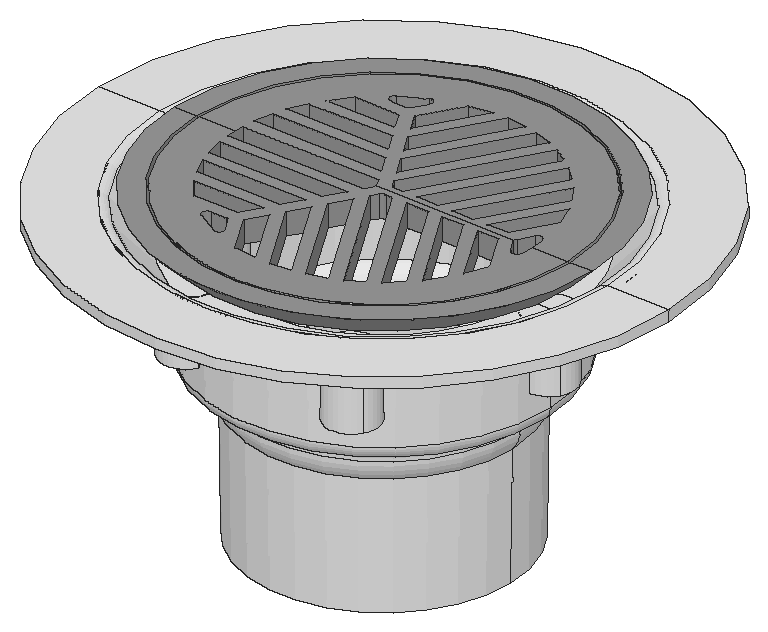
Revit family "3100.206 Deck Drain Bottom Exit 100x100", category Plumbing Fixtures, Revit 2020
Family settings
  Round Connector Dimension = Use Diameter
  Part Type = Normal
  Work Plane-Based = No
  Always vertical = Yes
  Cut with Voids When Loaded = No
  Shared = No
  Room Calculation Point = No
Parameters (values of type "3100.206 100X100")
  Waste Connection = yes
  Vent Connection = no
  URL = "www.aquaknight.co.nz"
  Phone = "+6498322214"  # constant formula
  Model = "3100.206"
  Manufacturer = "Aquanight Industries Ltd"  # constant formula
  HW Connection = no
  Email = "info@aquaknight.co.nz"  # constant formula
  Description = "Deck Drain Bottom Exit 100mm Inlet w 100mm Outlet Big Flange"
  Default Elevation = 0 mm
  CW Connection = no
Reference planes
  plane 1 "Center (Front/Back)": y = 0
  plane 2: z = 0
  plane 3 "Center (Left/Right)": x = 0
  plane 4: z = -94.136
Forms (mm)
  Revolve 1, solid, material "PVC-Piping"
    sketch origin (-2.137, 0, 1.044) x (1, 0, 0) y (0, 0, 1)
      loop
        line (-87.727, -5.044) -> (-75.98, -17.642) -> (-75.98, -20.801)
        arc (-75.98, -20.801) -> (-74.992, -23.186) -> (-72.607, -24.174) r 3.373
        line (-72.607, -24.174) -> (-65.619, -24.174) -> (-65.137, -53.24)
        arc (-65.137, -53.24) -> (-63.332, -57.433) -> (-59.099, -59.143) r 6.002
        arc (-59.099, -59.143) -> (-54.852, -60.869) -> (-53.063, -65.091) r 6
        arc (-53.063, -65.091) -> (-52.213, -69.423) -> (-49.855, -73.154) r 12
        line (-49.855, -73.154) -> (-49.217, -121.9) -> (-45.784, -121.9) -> (-46.451, -70.9)
        arc (-46.451, -70.9) -> (-48.367, -68.251) -> (-49.063, -65.056) r 8
        arc (-49.063, -65.056) -> (-51.095, -59.101) -> (-56.281, -55.538) r 10
        line (-56.281, -55.538) -> (-56.613, -17.544) -> (-70.602, -17.544) -> (-84.53, -2.608)
        arc (-84.53, -2.608) -> (-86.165, -1.452) -> (-88.127, -1.044) r 4.918
        line (-88.127, -1.044) -> (-112.863, -1.044) -> (-112.863, -5.044) -> (-87.727, -5.044)
      axis (2.137, -1.044) -> (2.137, -121.9)
    angle from 0 to 360
  Revolve 2, solid, material "Steel, Chrome Plated"
    sketch origin (0, 0, 1.044) x (1, 0, 0) y (0, 0, 1)
      loop
        line (-75.621, -6.423) -> (0, -6.423) -> (0, 2.356) -> (-74.314, 2.356) -> (-75.328, -2.363) -> (-75.328, 2.356) -> (-84.4, 2.356) -> (-75.621, -6.423)
      axis (0, 2.356) -> (0, -6.423)
    angle from 0 to 360
  Extrusion 3, solid, material "PVC-Piping", detail levels fine
    sketch origin (-6.563, -11.367, 4) x (0.866025, -0.5, 0) y (0.5, 0.866025, 0)
      loop
        circle (0, -53.504) r 10
      loop
        circle (0, 79.754) r 10
      loop
        circle (-57.702, -20.189) r 10
      loop
        circle (57.702, 46.439) r 10
      loop
        circle (-57.702, 46.439) r 10
      loop
        circle (57.702, -20.189) r 10
    from -46.5 to -20.5
  Extrusion 4, void
    sketch origin (0, 0, 0) x (0, 1, 0) y (-1, 0, 0)
      loop
        line (43.05, 22.084) -> (35.55, 17.754) -> (59.886, 3.703)
        arc (59.886, 3.703) -> (59.402, 8.447) -> (58.544, 13.138) r 60
        line (58.544, 13.138) -> (43.05, 22.084)
      loop
        line (30.75, 14.982) -> (23.25, 10.652) -> (59.148, -10.074)
        arc (59.148, -10.074) -> (59.7, -5.995) -> (59.97, -1.888) r 60
        line (59.97, -1.888) -> (30.75, 14.982)
      loop
        line (18.45, 7.881) -> (10.95, 3.551) -> (55.706, -22.289)
        arc (55.706, -22.289) -> (57.016, -18.686) -> (58.093, -15.007) r 60
        line (58.093, -15.007) -> (18.45, 7.881)
      loop
        line (6.15, 0.779) -> (3.396, -0.81)
        spline (3.396, -0.81) -> (3.249, -0.904) -> (3.112, -1.01) -> (2.983, -1.127) -> (2.866, -1.255) -> (2.76, -1.393) -> (2.667, -1.54) -> (2.587, -1.694) -> (2.52, -1.854) -> (2.468, -2.02) -> (2.43, -2.19) -> (2.408, -2.362) -> (2.4, -2.536)
        line (2.4, -2.536) -> (2.4, -5.716) -> (49.985, -33.189)
        arc (49.985, -33.189) -> (51.962, -30) -> (53.735, -26.694) r 60
        line (53.735, -26.694) -> (6.15, 0.779)
      loop
        line (47.156, -37.098) -> (2.4, -11.258) -> (2.4, -19.919) -> (42.043, -42.806)
        arc (42.043, -42.806) -> (44.691, -40.034) -> (47.156, -37.098) r 60
      loop
        line (38.298, -46.187) -> (2.4, -25.461) -> (2.4, -34.121) -> (31.62, -50.992)
        arc (31.62, -50.992) -> (35.042, -48.704) -> (38.298, -46.187) r 60
      loop
        line (26.736, -53.714) -> (2.4, -39.664) -> (2.4, -48.324) -> (17.894, -57.27)
        arc (17.894, -57.27) -> (22.385, -55.668) -> (26.736, -53.714) r 60
      loop
        line (45.45, 33.354) -> (45.45, 27.391)
        spline (45.45, 27.391) -> (45.458, 27.217) -> (45.48, 27.045) -> (45.518, 26.875) -> (45.57, 26.709) -> (45.637, 26.549) -> (45.717, 26.395) -> (45.81, 26.248) -> (45.916, 26.11) -> (46.033, 25.982) -> (46.162, 25.865) -> (46.299, 25.759) -> (46.446, 25.665)
        line (46.446, 25.665) -> (51.611, 22.684)
        arc (51.611, 22.684) -> (53.96, 22.94) -> (54.425, 25.258) r 2
        arc (54.425, 25.258) -> (51.962, 30) -> (49.086, 34.504) r 60
        arc (49.086, 34.504) -> (46.847, 35.261) -> (45.45, 33.354) r 2
      loop
        line (-43.05, 22.084) -> (-58.544, 13.138)
        arc (-58.544, 13.138) -> (-59.402, 8.447) -> (-59.886, 3.703) r 60
        line (-59.886, 3.703) -> (-35.55, 17.754) -> (-43.05, 22.084)
      loop
        line (-30.75, 14.982) -> (-59.97, -1.888)
        arc (-59.97, -1.888) -> (-59.7, -5.995) -> (-59.148, -10.074) r 60
        line (-59.148, -10.074) -> (-23.25, 10.652) -> (-30.75, 14.982)
      loop
        line (-18.45, 7.881) -> (-58.093, -15.007)
        arc (-58.093, -15.007) -> (-57.016, -18.686) -> (-55.706, -22.289) r 60
        line (-55.706, -22.289) -> (-10.95, 3.551) -> (-18.45, 7.881)
      loop
        line (-6.15, 0.779) -> (-53.735, -26.694)
        arc (-53.735, -26.694) -> (-51.962, -30) -> (-49.985, -33.189) r 60
        line (-49.985, -33.189) -> (-2.4, -5.716) -> (-2.4, -2.536)
        spline (-2.4, -2.536) -> (-2.408, -2.362) -> (-2.43, -2.19) -> (-2.468, -2.02) -> (-2.52, -1.854) -> (-2.587, -1.694) -> (-2.667, -1.54) -> (-2.76, -1.393) -> (-2.866, -1.255) -> (-2.983, -1.127) -> (-3.112, -1.01) -> (-3.249, -0.904) -> (-3.396, -0.81)
        line (-3.396, -0.81) -> (-6.15, 0.779)
      loop
        arc (-47.156, -37.098) -> (-44.691, -40.034) -> (-42.043, -42.806) r 60
        line (-42.043, -42.806) -> (-2.4, -19.919) -> (-2.4, -11.258) -> (-47.156, -37.098)
      loop
        arc (-38.298, -46.187) -> (-35.042, -48.704) -> (-31.62, -50.992) r 60
        line (-31.62, -50.992) -> (-2.4, -34.121) -> (-2.4, -25.461) -> (-38.298, -46.187)
      loop
        arc (-26.736, -53.714) -> (-22.385, -55.668) -> (-17.894, -57.27) r 60
        line (-17.894, -57.27) -> (-2.4, -48.324) -> (-2.4, -39.664) -> (-26.736, -53.714)
      loop
        line (40.65, 26.241) -> (40.65, 44.131)
        arc (40.65, 44.131) -> (37.017, 47.22) -> (33.15, 50.011) r 60
        line (33.15, 50.011) -> (33.15, 21.91) -> (40.65, 26.241)
      loop
        line (28.35, 19.139) -> (28.35, 52.88)
        arc (28.35, 52.88) -> (24.658, 54.699) -> (20.85, 56.261) r 60
        line (20.85, 56.261) -> (20.85, 14.809) -> (28.35, 19.139)
      loop
        line (16.05, 12.038) -> (16.05, 57.813)
        arc (16.05, 57.813) -> (12.325, 58.72) -> (8.55, 59.388) r 60
        line (8.55, 59.388) -> (8.55, 7.708) -> (16.05, 12.038)
      loop
        line (3.75, 4.936) -> (3.75, 59.883)
        arc (3.75, 59.883) -> (0, 60) -> (-3.75, 59.883) r 60
        line (-3.75, 59.883) -> (-3.75, 4.936) -> (-0.996, 3.346)
        spline (-0.996, 3.346) -> (-0.842, 3.266) -> (-0.681, 3.2) -> (-0.516, 3.147) -> (-0.346, 3.11) -> (-0.174, 3.087) -> (0, 3.079) -> (0.174, 3.087) -> (0.346, 3.11) -> (0.516, 3.147) -> (0.681, 3.2) -> (0.842, 3.266) -> (0.996, 3.346)
        line (0.996, 3.346) -> (3.75, 4.936)
      loop
        arc (-8.55, 59.388) -> (-12.325, 58.72) -> (-16.05, 57.813) r 60
        line (-16.05, 57.813) -> (-16.05, 12.038) -> (-8.55, 7.708) -> (-8.55, 59.388)
      loop
        arc (-20.85, 56.261) -> (-24.658, 54.699) -> (-28.35, 52.88) r 60
        line (-28.35, 52.88) -> (-28.35, 19.139) -> (-20.85, 14.809) -> (-20.85, 56.261)
      loop
        arc (-33.15, 50.011) -> (-37.017, 47.22) -> (-40.65, 44.131) r 60
        line (-40.65, 44.131) -> (-40.65, 26.241) -> (-33.15, 21.91) -> (-33.15, 50.011)
      loop
        line (-51.611, 22.684) -> (-46.446, 25.665)
        spline (-46.446, 25.665) -> (-46.299, 25.759) -> (-46.162, 25.865) -> (-46.033, 25.982) -> (-45.916, 26.11) -> (-45.81, 26.248) -> (-45.717, 26.395) -> (-45.637, 26.549) -> (-45.57, 26.709) -> (-45.518, 26.875) -> (-45.48, 27.045) -> (-45.458, 27.217) -> (-45.45, 27.391)
        line (-45.45, 27.391) -> (-45.45, 33.354)
        arc (-45.45, 33.354) -> (-46.847, 35.261) -> (-49.086, 34.504) r 2
        arc (-49.086, 34.504) -> (-51.962, 30) -> (-54.425, 25.258) r 60
        arc (-54.425, 25.258) -> (-53.96, 22.94) -> (-51.611, 22.684) r 2
      loop
        line (6.161, -56.038) -> (0.996, -53.056)
        spline (0.996, -53.056) -> (0.842, -52.976) -> (0.681, -52.909) -> (0.516, -52.857) -> (0.346, -52.819) -> (0.174, -52.797) -> (0, -52.789) -> (-0.174, -52.797) -> (-0.346, -52.819) -> (-0.516, -52.857) -> (-0.681, -52.909) -> (-0.842, -52.976) -> (-0.996, -53.056)
        line (-0.996, -53.056) -> (-6.161, -56.038)
        arc (-6.161, -56.038) -> (-7.114, -58.201) -> (-5.338, -59.762) r 2
        arc (-5.338, -59.762) -> (0, -60) -> (5.338, -59.762) r 60
        arc (5.338, -59.762) -> (7.114, -58.201) -> (6.161, -56.038) r 2
    from -10.558 to 12.361
Cuts and joins
  Extrusion 4 cuts Revolve 2
Lines and regions (mm)
  Masking region 1
    outline origin (0, 0, 0) x (0, 1, 0) y (-1, 0, 0)
      loop
        circle (0, 0) r 115
  symbolic lines, detail levels fine
    curve 1: circle (-53.5, 92.665, 0) r 4.5 normal (0, 0, 1)
    curve 2: circle (53.5, 92.665, 0) r 4.5 normal (0, 0, 1)
    curve 3: circle (107, 0, 0) r 4.5 normal (0, 0, 1)
    curve 4: circle (53.5, -92.665, 0) r 4.5 normal (0, 0, 1)
    curve 5: circle (-53.5, -92.665, 0) r 4.5 normal (0, 0, 1)
    curve 6: circle (-107, 0, 0) r 4.5 normal (0, 0, 1)
  model lines, detail levels fine
    curve 7: circle (-107, 0, 0) r 4.5 normal (0, 0, 1)
    curve 8: circle (-53.5, -92.665, 0) r 4.5 normal (0, 0, 1)
    curve 9: circle (53.5, -92.665, 0) r 4.5 normal (0, 0, 1)
    curve 10: circle (107, 0, 0) r 4.5 normal (0, 0, 1)
    curve 11: circle (53.5, 92.665, 0) r 4.5 normal (0, 0, 1)
    curve 12: circle (-53.5, 92.665, 0) r 4.5 normal (0, 0, 1)
  symbolic lines, detail levels medium+fine
    curve 13: circle (0, 0, 0) r 84.4 normal (0, 0, 1)
    curve 14: circle (0, 0, 0) r 75.621 normal (0, 0, 1)
    curve 15: circle (0, 0, 0) r 60 normal (0, 0, 1)
Dimensions and locks
  locked: level to plane 4 at 94.136
  locked: connector elem to plane 3 "Center (Left/Right)"
  locked: connector elem to plane 1 "Center (Front/Back)"
  aligned and locked: level to plane 2
Automatic sketch dimensions
  Revolve 2 sketch curve to plane 3 "Center (Left/Right)" = 0 mm  (x2)
  level to Revolve 2 sketch curve = 3.4 mm  (x2)
  Revolve 2 sketch curve to plane 3 "Center (Left/Right)" = 74.314 mm
  Revolve 2 sketch curve to Revolve 2 sketch curve = 1.014 mm
  Revolve 2 sketch curve to Revolve 2 sketch curve = 0.294 mm
  Revolve 2 sketch curve to Revolve 2 sketch curve = 9.072 mm
  Revolve 2 sketch curve to level = 1.319 mm
  Revolve 2 sketch curve to Revolve 2 sketch curve = 4.06 mm
  Revolve 2 sketch curve to Revolve 2 sketch curve = 11.104 mm
  Revolve 2 sketch curve to Revolve 2 sketch curve = 11.042 mm
  plane 1 "Center (Front/Back)" to Extrusion 3 sketch curve = 0 mm  (x2)
  Extrusion 3 sketch curve to Extrusion 3 sketch curve = 33.314 mm  (x3)
  Extrusion 3 sketch curve to plane 3 "Center (Left/Right)" = 66.629 mm
  Extrusion 3 sketch curve to Extrusion 3 sketch curve = 0 mm
  Extrusion 3 sketch curve to Extrusion 3 sketch curve = 57.702 mm  (x4)
  Extrusion 3 sketch curve to Extrusion 3 sketch curve = 66.629 mm
  Extrusion 4 sketch curve to Revolve 1 = 0 mm  (x2)
  Revolve 1 to Extrusion 4 sketch curve = 0.996 mm  (x2)
  Revolve 1 to Extrusion 4 sketch curve = 2.4 mm  (x4)
  Extrusion 4 sketch curve to Extrusion 4 sketch curve = 0.996 mm  (x4)
  Revolve 1 to Extrusion 4 sketch curve = 3.75 mm
  Revolve 1 to Extrusion 4 sketch curve = 5.161 mm
  Extrusion 4 sketch curve to Extrusion 4 sketch curve = 2.754 mm  (x2)
  Extrusion 4 sketch curve to Extrusion 4 sketch curve = 1 mm  (x4)
  Extrusion 4 sketch curve to Extrusion 4 sketch curve = 4.8 mm  (x8)
  Extrusion 4 sketch curve to Extrusion 4 sketch curve = 2.4 mm  (x12)
  Extrusion 4 sketch curve to Extrusion 4 sketch curve = 7.5 mm  (x6)
  Extrusion 4 sketch curve to Extrusion 4 sketch curve = 11.733 mm  (x2)
  Extrusion 4 sketch curve to Extrusion 4 sketch curve = 8.842 mm  (x2)
  Extrusion 4 sketch curve to Extrusion 4 sketch curve = 4.885 mm  (x2)
  Extrusion 4 sketch curve to Extrusion 4 sketch curve = 6.678 mm  (x2)
  Extrusion 4 sketch curve to Extrusion 4 sketch curve = 3.745 mm  (x2)
  Extrusion 4 sketch curve to Extrusion 4 sketch curve = 5.113 mm  (x2)
  Extrusion 4 sketch curve to Extrusion 4 sketch curve = 2 mm  (x2)
  Extrusion 4 sketch curve to Extrusion 4 sketch curve = 2.829 mm  (x2)
  Extrusion 4 sketch curve to Extrusion 4 sketch curve = 5.164 mm  (x2)
  Extrusion 4 sketch curve to Extrusion 4 sketch curve = 3.75 mm  (x2)
  Extrusion 4 sketch curve to Extrusion 4 sketch curve = 1.971 mm  (x2)
  Extrusion 4 sketch curve to Extrusion 4 sketch curve = 2.387 mm  (x2)
  Extrusion 4 sketch curve to Extrusion 4 sketch curve = 6.933 mm  (x2)
  Extrusion 4 sketch curve to Extrusion 4 sketch curve = 1.055 mm  (x2)
  Extrusion 4 sketch curve to Extrusion 4 sketch curve = 1.342 mm  (x2)
  Extrusion 4 sketch curve to Extrusion 4 sketch curve = 0.085 mm  (x2)
  Extrusion 4 sketch curve to Revolve 1 = 0.996 mm  (x2)
  Extrusion 4 sketch curve to Revolve 1 = 2.4 mm  (x4)
  Extrusion 4 sketch curve to Revolve 1 = 3.75 mm
  Extrusion 4 sketch curve to Revolve 1 = 5.161 mm
  Extrusion 4 sketch curve to Extrusion 4 sketch curve = 0.5 mm
  Extrusion 4 sketch curve to Extrusion 4 sketch curve = 0 mm  (x8)
  Extrusion 4 sketch curve to Extrusion 4 sketch curve = 1.732 mm  (x4)
  Extrusion 4 sketch curve to Extrusion 4 sketch curve = 2.982 mm
  Extrusion 4 sketch curve to Extrusion 4 sketch curve = 4.732 mm
  Extrusion 4 sketch curve to Extrusion 4 sketch curve = 8.66 mm  (x3)
  Extrusion 4 sketch curve to Extrusion 4 sketch curve = 5.543 mm  (x3)
  Extrusion 4 sketch curve to Extrusion 4 sketch curve = 3.18 mm  (x2)
  Extrusion 4 sketch curve to Extrusion 4 sketch curve = 1.725 mm  (x4)
  Extrusion 4 sketch curve to Extrusion 4 sketch curve = 1.59 mm  (x4)
  Extrusion 4 sketch curve to Extrusion 4 sketch curve = 3.346 mm
  Extrusion 4 sketch curve to Extrusion 4 sketch curve = 2.771 mm  (x6)
  Extrusion 4 sketch curve to Extrusion 4 sketch curve = 4.157 mm  (x12)
  Extrusion 4 sketch curve to Extrusion 4 sketch curve = 4.33 mm  (x6)
  Extrusion 4 sketch curve to Extrusion 4 sketch curve = 0.6 mm  (x2)
  Extrusion 4 sketch curve to Extrusion 4 sketch curve = 3.582 mm  (x2)
  Extrusion 4 sketch curve to Extrusion 4 sketch curve = 5.963 mm  (x2)
  Extrusion 4 sketch curve to Extrusion 4 sketch curve = 0.729 mm  (x2)
  Extrusion 4 sketch curve to Extrusion 4 sketch curve = 2.008 mm  (x3)
  Extrusion 4 sketch curve to Extrusion 4 sketch curve = 0.267 mm  (x4)
  Extrusion 4 sketch curve to Extrusion 4 sketch curve = 1.011 mm
  Extrusion 4 sketch curve to Extrusion 4 sketch curve = 1.743 mm  (x2)
  curve 1 to curve 12 = 0 mm  (x2)
  curve 2 to curve 11 = 0 mm  (x2)
  curve 3 to curve 10 = 0 mm  (x2)
  curve 4 to curve 9 = 0 mm  (x2)
  curve 5 to curve 8 = 0 mm  (x2)
  curve 6 to curve 7 = 0 mm  (x2)
  curve 6 to Revolve 1 = 0 mm
  Revolve 1 to curve 3 = 0 mm
  Revolve 1 to curve 9 = 92.665 mm
  Revolve 1 to curve 5 = 92.665 mm
  curve 11 to Revolve 1 = 92.665 mm
  curve 1 to Revolve 1 = 92.665 mm
  curve 11 to curve 13 = 53.5 mm
  curve 9 to curve 13 = 53.5 mm
  curve 10 to curve 2 = 53.5 mm
  curve 13 to curve 5 = 53.5 mm
  curve 13 to curve 12 = 53.5 mm
  curve 5 to curve 6 = 53.5 mm
  Revolve 1 sketch curve to level = 0 mm
  Revolve 1 sketch curve to plane 3 "Center (Left/Right)" = 0 mm
  Revolve 1 sketch curve to level = 16.5 mm
  Revolve 1 sketch curve to Revolve 1 sketch curve = 0.332 mm
  Revolve 1 sketch curve to Revolve 1 sketch curve = 2.781 mm
  Revolve 1 sketch curve to Revolve 1 sketch curve = 2.854 mm
  Revolve 1 sketch curve to Revolve 1 sketch curve = 6.002 mm
  Revolve 1 sketch curve to level = 23.13 mm
  Revolve 1 sketch curve to Revolve 1 sketch curve = 9.006 mm
  Revolve 1 sketch curve to Revolve 1 sketch curve = 4.983 mm
  Revolve 1 sketch curve to Revolve 1 sketch curve = 2.005 mm
  Revolve 1 sketch curve to Revolve 1 sketch curve = 3.373 mm
  Revolve 1 sketch curve to level = 1.564 mm
  Revolve 1 sketch curve to Revolve 1 sketch curve = 8.55 mm
  Revolve 1 sketch curve to level = 4 mm
  Revolve 1 sketch curve to Revolve 1 sketch curve = 3.198 mm
  Revolve 1 sketch curve to Revolve 1 sketch curve = 3.597 mm
  Revolve 1 sketch curve to Revolve 1 sketch curve = 24.736 mm
  Revolve 1 sketch curve to Revolve 1 sketch curve = 9.605 mm
  Revolve 1 sketch curve to Revolve 1 sketch curve = 2.297 mm
  Revolve 1 sketch curve to Revolve 1 sketch curve = 3.159 mm
  level to Revolve 1 sketch curve = 2.639 mm
  Revolve 1 sketch curve to Revolve 1 sketch curve = 35 mm
  Revolve 1 sketch curve to Revolve 1 sketch curve = 0 mm  (x6)
  Revolve 1 sketch curve to plane 3 "Center (Left/Right)" = 58.418 mm
  Revolve 1 sketch curve to Revolve 1 sketch curve = 10 mm
  Revolve 1 sketch curve to Revolve 1 sketch curve = 4 mm
  Revolve 1 sketch curve to plane 3 "Center (Left/Right)" = 47.921 mm
  plane 4 to Revolve 1 sketch curve = 22.026 mm
  Revolve 1 sketch curve to Revolve 1 sketch curve = 0.792 mm
  Revolve 1 sketch curve to plane 4 = 26.72 mm
  Revolve 1 sketch curve to Revolve 1 sketch curve = 3.434 mm
  Revolve 1 sketch curve to Revolve 1 sketch curve = 3.404 mm
  Revolve 1 sketch curve to Revolve 1 sketch curve = 8 mm
  radius of Extrusion 3 sketch curve = 10 mm  (x6)
  radius of Extrusion 4 sketch curve to Revolve 1 = 30.264 mm  (x24)
  radius of Masking region 1 sketch curve to Revolve 1 = 0 mm
  radius of curve 13 to Revolve 1 = 5.864 mm
  radius of curve 14 to Revolve 1 = 14.642 mm
  radius of curve 15 to Revolve 1 = 30.264 mm
  radius of curve 1 = 4.5 mm
  radius of curve 2 = 4.5 mm
  radius of curve 3 = 4.5 mm
  radius of curve 4 = 4.5 mm
  radius of curve 5 = 4.5 mm
  radius of curve 6 = 4.5 mm
  radius of curve 7 = 4.5 mm
  radius of curve 8 = 4.5 mm
  radius of curve 9 = 4.5 mm
  radius of curve 10 = 4.5 mm
  radius of curve 11 = 4.5 mm
  radius of curve 12 = 4.5 mm
Connectors
  piping at (0, 0, -94.136), diameter 100
    settings: on plane 4, index 1, connector inside diameter 609.6 mm, connector length 0 mm, flow factor 0, pipe flow 0.0 L/s, pressure drop 0.0 Pa, fitting loss kfactor 0, connector angle 0.00°, fixture units 0, engagement length 0 mm, angle of deflection 0.00°, flow configuration 0, flow direction 0, fitting loss method 0, system type 28, joint type 0, gender type 0, connector reference index -1, connector utility 0, adjustable connector no, is connector primary yes, connector description ""
